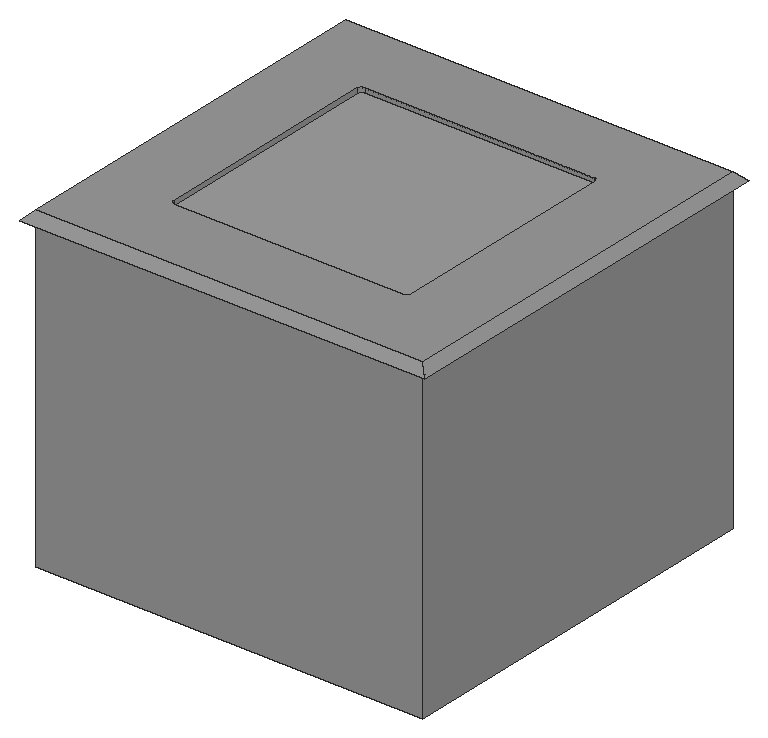
Revit family "4069236", category Lighting Fixtures, host Face, Revit 2017
Family settings
  Host = Face
  Round Connector Dimension = Use Diameter
  Part Type = Normal
  OmniClass Number = 23.80.70.00
  OmniClass Title = Lighting
  Cut with Voids When Loaded = No
  Light Source = Yes
  Shared = No
  Room Calculation Point = No
Parameters (values of type "4069236 PATHE/G/S2 WIDE 76LM LED 3K")
  Width_SYL = 95 mm
  Weight = "0.655 kg"
  Wattage Comments = ""
  Wattage = 1.5 W
  WarrantyStartDate [instance] = "n/a"
  WarrantyGuarantorParts = "n/a"
  WarrantyDurationUnit = "n/a"
  WarrantyDurationParts = "n/a"
  WarrantyDescription = "n/a"
  built-in parameter 1150110 = 1 (stored number, unit not read)
  Voltage = 230 V
  URL = "http://www.sylvania-lighting.com"
  TypeName = "PATHE/GROUND/SQUARE2 WIDE 76LM LED 3K"
  Type Image = <None>
  Type Comments = "n/a"
  built-in parameter 1114217 = 1 (stored number, unit not read)
  Tilt Angle = -90.00°
  built-in parameter 1150109 = 1 (stored number, unit not read)
  built-in parameter 1150134 = (empty or 0)
  built-in parameter 1150113 = 1 (stored number, unit not read)
  SerialNumber [instance] = "n/a"
  Photometric Web File = "4069236.ies"
  Material_3_SYL = none
  PowerFactor = 0
  PowerConsumption = "1.5 W"
  NominalLength = 95 mm
  NominalHeight = 75 mm
  NominalDepth = 95 mm
  Name = "PATHE/GROUND/SQUARE2 WIDE 76LM LED 3K"
  ModelReference = Name  # "PATHE/GROUND/SQUARE2 WIDE 76LM LED 3K"
  ModelNumber = "4069236"
  Model = Name  # "PATHE/GROUND/SQUARE2 WIDE 76LM LED 3K"
  Material = "aluminium housing, uv stabilized pc polycarbonate diffuser"
  ManufacturerName = "Feilo Sylvania"
  Manufacturer = "Feilo Sylvania"
  LuminousEfficacy = "51 lm/W"
  built-in parameter 1150105 = 6.0877 (stored number, unit not read)
  Lumens = 76.5 lm
  LuminaireType = ""
  built-in parameter 1150115 = 1 (stored number, unit not read)
  LightOutputRatio = "100"
  built-in parameter 1150137 = (empty or 0)
  built-in parameter 1150139 = (empty or 0)
  LampsType = Lamp  # "LED"
  LampNominalLuminous = "76 lm"
  LampMacAdamStep = "n/a"
  LampColourTemperature = "3000 K"
  LampColourRenderingIndex = "80"
  built-in parameter 1150112 = 1 (stored number, unit not read)
  built-in parameter 1150114 = 1 (stored number, unit not read)
  Lamp = "LED"
  Keynote = "16500"
  InstallationDate [instance] = "n/a"
  InputVoltage = "220-240 V AC"
  InputNominalFrequency = "50/60 Hz"
  built-in parameter 1150132 = (empty or 0)
  built-in parameter 1150102 = (empty or 0)
  built-in parameter 1150107 = 3000 (stored number, unit not read)
  built-in parameter 1150138 = (empty or 0)
  IngressProtection = "IP67"
  ImpactProtectionIndex = "IK08"
  built-in parameter 1150106 = 0.060877 (stored number, unit not read)
  IfcExportType = "IfcLightFixtureType"
  IfcExportAs = "IfcLightFixtureType"
  Height_SYL = 75 mm
  HeightAboveGround_SYL = 2 mm
  Emit from Rectangle Width = DiffuserCutOut_SYL  # 55.882 mm
  Emit from Rectangle Length = DiffuserCutOut_SYL  # 55.882 mm
  Emit Shape Visible in Rendering = no
  ElectricShockClassification = "Class I"
  built-in parameter 1150104 = 4.7381 (stored number, unit not read)
  DocumentationLiterature = "http://www.sylvania-lighting.com/product/en-int/products/4069236"
  DimmingControlOptions = "Non dimmable"
  Material_2_SYL = Default
  Dimming Lamp Color Temperature Shift = <None>
  DiffuserCutOut_SYL = 55.882 mm
  Description = "Square recessed ground luminaireCorrosion resistant die-cast aluminium, 76lm, 1.5W, 51lm/W, 3000K, CRI80+, 50°, non dimmable, IP67, IK08,  (HxWxD) 95x95x75mm, 3 step MacAdam ellipse, Class I, 220-240V, A++ A+ A"
  Default Elevation = 1219.2 mm
  CreatedOn = "1/21/2020"
  CreatedBy = "@sylvania-lighting.com"
  Cost = 0
  Color Filter = 16777215
  built-in parameter 1114216 [instance] = (empty or 0)
  ClassificationValue = "EF_70_80"
  ClassificationName = "Uniclass2015"
  Material_1_SYL = Aluminum
  ChamferWidth_SYL = HeightAboveGround_SYL  # 2 mm
  BarCode [instance] = "n/a"
  built-in parameter 1114218 = 1 (stored number, unit not read)
  built-in parameter 1150133 = 10 (stored number, unit not read)
  AssetType = "Fixed"
  AssetIdentifier [instance] = "n/a"
  Assembly Code = "D5020200"
  Apparent Load = 1.5 VA
  Material_4_SYL = none
Reference planes
  plane 1 "Center (Front/Back)": y = 0
  plane 2: z = 0
  plane 3 "Center (Left/Right)": x = 0
  plane 4: x = 47.5
  plane 5: x = -47.5
  plane 6: y = 47.5
  plane 7: y = -47.5
  plane 8: x = -27.941
  plane 9: x = 27.941
  plane 10: y = 27.941
  plane 11: y = -27.941
  plane 12: z = 2
  plane 13: x = -45.5
  plane 14: y = 45.5
  plane 15: x = 45.5
  plane 16: y = -45.5
  plane 17: z = -73
  plane 18: z = 1
Forms (mm)
  Extrusion 1, void
    sketch origin (0, 0, 0) x (1, 0, 0) y (0, 1, 0)
      loop
        line (-45.5, 45.5) -> (-45.5, -45.5) -> (45.5, -45.5) -> (45.5, 45.5) -> (-45.5, 45.5)
    from 0 to -73
  Blend 2, solid, material "Aluminum" <- "Material_1_SYL"
    base sketch origin (0, 0, 0) x (1, 0, 0) y (0, 1, 0)
      loop
        line (-47.5, 47.5) -> (-47.5, -47.5) -> (47.5, -47.5) -> (47.5, 47.5) -> (-47.5, 47.5)
    top sketch origin (0, 0, 0) x (1, 0, 0) y (0, 1, 0)
      loop
        line (-45.5, 45.5) -> (-45.5, -45.5) -> (45.5, -45.5) -> (45.5, 45.5) -> (-45.5, 45.5)
    from 0 to 2
  Extrusion 3, void
    sketch origin (0, 0, 0) x (1, 0, 0) y (0, 1, 0)
      loop
        arc (-26.941, 27.941) -> (-27.648, 27.648) -> (-27.941, 26.941) r 1
        line (-27.941, 26.941) -> (-27.941, -26.941)
        arc (-27.941, -26.941) -> (-27.648, -27.648) -> (-26.941, -27.941) r 1
        line (-26.941, -27.941) -> (26.941, -27.941)
        arc (26.941, -27.941) -> (27.648, -27.648) -> (27.941, -26.941) r 1
        line (27.941, -26.941) -> (27.941, 26.941)
        arc (27.941, 26.941) -> (27.648, 27.648) -> (26.941, 27.941) r 1
        line (26.941, 27.941) -> (-26.941, 27.941)
    from 0 to 2
  Extrusion 4, solid, material "Default" <- "Material_2_SYL"
    sketch origin (0, 0, 0) x (1, 0, 0) y (0, 1, 0)
      loop
        line (27.941, -26.941) -> (27.941, 26.941)
        arc (27.941, 26.941) -> (27.648, 27.648) -> (26.941, 27.941) r 1
        line (26.941, 27.941) -> (-26.941, 27.941)
        arc (-26.941, 27.941) -> (-27.648, 27.648) -> (-27.941, 26.941) r 1
        line (-27.941, 26.941) -> (-27.941, -26.941)
        arc (-27.941, -26.941) -> (-27.648, -27.648) -> (-26.941, -27.941) r 1
        line (-26.941, -27.941) -> (26.941, -27.941)
        arc (26.941, -27.941) -> (27.648, -27.648) -> (27.941, -26.941) r 1
    from 0 to 1
  Extrusion 5, solid, material "Aluminum" <- "Material_1_SYL"
    sketch origin (0, 0, 0) x (1, 0, 0) y (0, 1, 0)
      loop
        line (-45.5, 45.5) -> (-45.5, -45.5) -> (45.5, -45.5) -> (45.5, 45.5) -> (-45.5, 45.5)
    from 0 to -73
Cuts and joins
  Extrusion 3 cuts Blend 2
Dimensions and locks
  equal spacing: host sketch curve, plane 3 "Center (Left/Right)", host sketch curve
  equal spacing: host sketch curve, plane 1 "Center (Front/Back)", host sketch curve
  locked: host sketch curve to host sketch curve at 600  (x2)
  equal spacing: plane 5, plane 3 "Center (Left/Right)", plane 4
  "Width_SYL": plane 5 to plane 4
  equal spacing: plane 7, plane 1 "Center (Front/Back)", plane 6
  "Width_SYL": plane 7 to plane 6
  equal spacing: plane 8, plane 3 "Center (Left/Right)", plane 9
  "DiffuserCutOut_SYL": plane 8 to plane 9
  equal spacing: plane 11, plane 1 "Center (Front/Back)", plane 10
  "DiffuserCutOut_SYL": plane 11 to plane 10
  "HeightAboveGround_SYL": plane 12 to plane 2
  equal spacing: plane 13, plane 3 "Center (Left/Right)", plane 15
  "ChamferWidth_SYL": plane 5 to plane 13
  equal spacing: plane 16, plane 1 "Center (Front/Back)", plane 14
  "ChamferWidth_SYL": plane 14 to plane 6
  "Height_SYL": plane 12 to plane 17
  locked: plane 12 to plane 18 at 1
  aligned and locked: plane 2 to host face
  aligned and locked: level to host face
  aligned and locked: plane 14 to Extrusion 1 sketch curve
  aligned and locked: plane 13 to Extrusion 1 sketch curve
  aligned and locked: Extrusion 1 sketch curve to plane 16
  aligned and locked: Extrusion 1 sketch curve to plane 15
  aligned and locked: plane 17 to Extrusion 1
  aligned and locked: level to Extrusion 1
  aligned and locked: plane 6 to Blend 2 sketch curve
  aligned and locked: plane 5 to Blend 2 sketch curve
  aligned and locked: Blend 2 sketch curve to plane 7
  aligned and locked: Blend 2 sketch curve to plane 4
  aligned and locked: plane 14 to Blend 2 sketch curve
  aligned and locked: plane 13 to Blend 2 sketch curve
  aligned and locked: Blend 2 sketch curve to plane 16
  aligned and locked: Blend 2 sketch curve to plane 15
  aligned and locked: Blend 2 to plane 12
  aligned and locked: Blend 2 to level
  aligned and locked: plane 10 to Extrusion 3 sketch curve
  aligned and locked: plane 8 to Extrusion 3 sketch curve
  aligned and locked: Extrusion 3 sketch curve to plane 11
  aligned and locked: Extrusion 3 sketch curve to plane 9
  aligned and locked: Extrusion 3 to plane 12
  aligned and locked: Extrusion 3 to level
  aligned and locked: Extrusion 4 sketch curve to cut or joined group of Blend 2, Extrusion 3  (x4)
  aligned and locked: Extrusion 4 to plane 18
  aligned and locked: Extrusion 4 to level
  aligned and locked: Extrusion 5 sketch curve to cut or joined group of Blend 2, Extrusion 3  (x4)
  aligned and locked: level to Extrusion 5
  aligned and locked: plane 17 to Extrusion 5
Automatic sketch dimensions
  plane 8 to Extrusion 3 sketch curve = 1 mm  (x2)
  Extrusion 3 sketch curve to plane 9 = 1 mm  (x2)
Connectors
  electrical at (0, 0, -73), driven by "PowerFactor", driven by "Apparent Load", driven by "Voltage"
    settings: on Extrusion 5, index 1, voltage 230 V, apparent load 0 VA, apparent load phase1 1.5 VA, apparent load phase2 0 VA, apparent load phase3 0 VA, power factor 0, load classification "Other", number of poles 1, system type 31, power factor state 1, is connector primary yes, connector utility no, sub classification motor no, connector description ""
